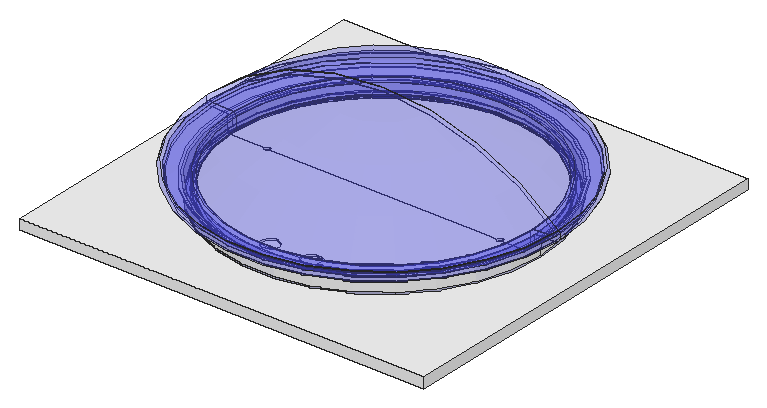
Revit family "BE_12138_de_DE", category Leuchten, Revit 2020
Family settings
  Basisbauteil = Fläche
  Bemaßung runder Anschluss = Durchmesser verwenden
  Teiletyp = Normal
  Beim Laden mit Abzugskörper schneiden = Ja
  Lichtquelle = Ja
  Gemeinsam genutzt = Nein
  Raumberechnungspunkt = Ja
Parameters (values of type "BEGA_12138_K3")
  built-in parameter 1150104 = 11.613 (stored number, unit not read)
  Wattage = 16.8 W
  Default Elevation = 0 mm
  built-in parameter 1150113 = 1 (stored number, unit not read)
  built-in parameter 1114218 = 1 (stored number, unit not read)
  Umgebungstemperatur = "25 °C"
  URL = "http://www.bega.de/de/produkt/12138"
  Typenkommentare = "© 2022 BEGA. Wir behalten uns das Recht vor, technische Änderungen ohne vorherige Ankündigung vorzunehmen."  # constant formula
  built-in parameter 1150134 = (empty or 0)
  built-in parameter 1150109 = 1 (stored number, unit not read)
  Strom = ""
  built-in parameter 1150110 = 1 (stored number, unit not read)
  Spannung = 239.996 V
  Sonderanfertigung = no
  Seriennummer [instance] = "Hier können Sie die eindeutige Seriennummer für das Facility Management eintragen."
  Schutzklasse = "I"
  Schutzart = "IP 20"
  Scheinlast = 0 VA
  Produktdatenblatt = "http://www.bega.de/download/Xrfa/db/12138.db.de.pdf"
  Oberflächentemperatur = ""
  Neigungswinkel = 0.00°
  Model = "12138K2"
  Material_17 = BEGA_Reflektor
  Material_15 = BEGA_Leuchtmedium_matt
  Material_11 = BEGA_Glas_opal
  Material_09 = BEGA_Glas_klar
  Material_06 = BEGA_Oberfläche_Edelstahl_gebürstet
  Material_03 = BEGA_Oberfläche_Weiss_matt
  Material_02 = BEGA_Oberfläche_Silber_matt
  Material_01 [instance] = BEGA_Oberfläche_Grafit_matt
  M_W = no
  M_G = no
  M_A = no
  Logo = 0
  built-in parameter 1114217 = 1 (stored number, unit not read)
  built-in parameter 1150139 = (empty or 0)
  built-in parameter 1150105 = 603.62 (stored number, unit not read)
  built-in parameter 1150114 = 1 (stored number, unit not read)
  Lumens = 2100 lm
  built-in parameter 1150115 = 1 (stored number, unit not read)
  Leuchtenlichtstrom = "1425 lm"
  Leuchtenanzahl = ""
  Lebensdauerkriterien = "L70B50 @ 25 °C = 210000 h"
  Lastklassifizierung = Beleuchtung
  built-in parameter 1150112 = 1 (stored number, unit not read)
  Lampenlichtstrom = "2095 lm"
  Lamp = "LED 16.8 W"
  LED_Modulbezeichnung = "LED-0511/927"
  Hersteller = "BEGA"  # constant formula
  Halbstreuwinkel = ""
  Gewicht = "2.5 kg"
  Gebrauchslageneinschränkung [instance] = ""
  Frequenz = "0/50-60 Hz"
  Farbwiedergabeindex = "CRI > 90"
  Farbtemperaturverschiebung bei Dämpfen der Lampe = <Keine Auswahl>
  Farbtemperatur = "2700 K"
  Color Filter = 16777215
  built-in parameter 1150133 = 10 (stored number, unit not read)
  Energieeffizienzklasse = "LED A++ - A"
  built-in parameter 1150137 = (empty or 0)
  built-in parameter 1150132 = (empty or 0)
  ENEC = "ja"
  Dimmbar [instance] = ""
  Photometric Web File = "BE_12138K2.IES"
  CE_Konformität = "ja"
  Bestellnummer = "12138K2"
  Beschreibung_Sonderanfertigung = "Hier können Sie Informationen zur Sonderanfertigung eintragen."
  Beschreibung = "Decken- und Wandleuchte"
  built-in parameter 1150106 = 6.0362 (stored number, unit not read)
  Befestigungsbohrung = "Ø 5,5 mm"
  Befestigungsabstand = "230 mm"
  Ballwurfsicher = ""
  BEGA_Intern_aus = yes
  BEGA_Intern_an = yes
  BEGA_Intern_Konstruktion = yes
  BEGA_Intern = yes
  BEGA_IES = yes
  BEGA_Dummy = no
  Anschlussleitung = ""
  Anschlussleistung [instance] = "20 W"
  Anschlusskasten = ""
  built-in parameter 1150107 = 2000 (stored number, unit not read)
  built-in parameter 1150102 = (empty or 0)
  built-in parameter 1150138 = (empty or 0)
  Aktualisierung = "2019-10-29T04:00:14"
  Abstand_zur_angestrahlten_Fläche [instance] = ""
  AC/DC = "AC/DC"
Types (2, lengths in mm): name | built-in parameter 1150134 | Model | built-in parameter 1150105 | Leuchtenlichtstrom | Lampenlichtstrom | LED_Modulbezeichnung | Farbtemperatur | Photometric Web File | Bestellnummer | built-in parameter 1150106 | built-in parameter 1150107
  BEGA_12138_K3 | (empty or 0) | "12138K3" | 608.52 (stored number, unit not read) | "1645 lm" | "2415 lm" | "LED-0511/930" | "3000 K" | "BE_12138K3.IES" | "12138K3" | 6.0852 (stored number, unit not read) | 3000 (stored number, unit not read)
  BEGA_12138_K27 | 12 | "12138K27" | 608.54 (stored number, unit not read) | "1588 lm" | "2335 lm" | "LED-0511/927" | "2700 K" | "BE_12138K27.IES" | "12138K27" | 6.0854 (stored number, unit not read) | 4000 (stored number, unit not read)
Reference planes
  plane 1 "Mitte (Vorne/Hinten)": y = 0
  plane 2: z = 0
  plane 3 "Mitte (Links/Rechts)": x = 0
  plane 4 "Links": x = -175.231
  plane 5 "Rechts": x = 175.231
  plane 6 "Unten": y = -175.2
  plane 7 "Oben": y = 175.2
  plane 8 "Vorne": z = 98.4
  plane 9 "Hinten": z = 0
Forms (mm)
  Extrusion 1, solid, material "BEGA_Platte_Weiss"
    sketch origin (0, -1119.2, 0) x (1, 0, 0) y (0, 1, 0)
      loop
        line (-200, 1319.2) -> (-200, 919.2) -> (200, 919.2) -> (200, 1319.2) -> (-200, 1319.2)
    from 0 to -10
  Extrusion 2, solid, material "BEGA_Dummy_matt", visible <- "BEGA_Dummy"
    sketch origin (77.149, -76.023, 0) x (1, 0, 0) y (0, 1, 0)
      loop
        circle (-77.149, 76.023) r 175
    from 0 to 98.4
Dimensions and locks
  plane 1 "Mitte (Vorne/Hinten)" to Extrusion 1 = 200 mm
  aligned and locked: plane 2 to Extrusion 1
  aligned and locked: level to Extrusion 1
Nested families
  nested 1: "BE_12138" at (0, 0, 0) x (0, -1, 0) z (0, 0, 1), type "BE_12138"
Connectors
  electrical at (0, 0, 0), driven by "Lastklassifizierung", driven by "Spannung", driven by "Scheinlast"
    settings: index 1, voltage 239.996 V, apparent load 0 VA, apparent load phase1 0 VA, apparent load phase2 0 VA, apparent load phase3 0 VA, power factor 1, load classification "Beleuchtung", number of poles 1, system type 31, power factor state 1, is connector primary yes, connector utility no, sub classification motor no, connector description ""
Definition of nested family "BE_12138"
  Parameters (values of type "BE_12138")
    Default Elevation = 1 mm
    URL = "http://www.bega.de/de/produkt"
    Type Comments = "© 2015 BEGA. Wir behalten uns das Recht vor, technische Änderungen ohne vorherige Ankündigung vorzunehmen. "  # constant formula
    Type Image = (empty or 0)
    Neigungswinkel_um_Z2 = 0.00°
    Neigungswinkel_um_Z1 = 0.00°
    Neigungswinkel_um_Y2 = 0.00°
    Neigungswinkel_um_Y1 = 0.00°
    Neigungswinkel_um_X2 = 0.00°
    Neigungswinkel_um_X1 = 0.00°
    Material_17 = none
    Material_15 = none
    Material_11 = none
    Material_09 = none
    Material_06 = none
    Material_05 = none
    Material_03 = none
    Material_02 = none
    Material_01 = none
    M_W = yes
    M_G = yes
    M_A = yes
    Länge_Platte = 500 mm  # constant formula
    Höhe_Platte = -10 mm  # constant formula
    Manufacturer = "BEGA"  # constant formula
    Drehwinkel_um_Z2 = 0.00°
    Drehwinkel_um_Z1 = 0.00°
    Breite_Platte = 500 mm  # constant formula
  Reference planes
    plane 1 "Mitte (Oben/Unten)": y = 0
    plane 2: z = 0
    plane 3 "Mitte (Links/Rechts)": x = 0
    plane 4: y = 175.231
    plane 5: z = 98.4
    plane 6: y = -175.231
    plane 7: x = -175.2
    plane 8: x = 175.2
  Forms (mm)
    Extrusion 1, solid, detail levels medium
      sketch origin (0, 0, 0) x (1, 0, 0) y (0, 1, 0)
        loop
          line (-250, 250) -> (-250, -250) -> (250, -250) -> (250, 250) -> (-250, 250)
      from 0 to -10 <- "Höhe_Platte"
    Revolve 2, solid, material <- "Material_03", detail levels medium+fine
      sketch origin (0, 0, 0) x (0, 1, 0) y (0, 0, 1)
        loop
          line (159, 19.8) -> (159, 20.8) -> (156.831, 20.8)
          arc (156.831, 20.8) -> (155.563, 20.284) -> (155.024, 19.025) r 1.8
          line (155.024, 19.025) -> (154.767, 4.283)
          arc (154.767, 4.283) -> (154.468, 3.587) -> (153.767, 3.3) r 1
          line (153.767, 3.3) -> (0, 3.3) -> (0, 2.3) -> (153.767, 2.3)
          arc (153.767, 2.3) -> (155.169, 2.873) -> (155.767, 4.265) r 2
          line (155.767, 4.265) -> (156.024, 19.01)
          arc (156.024, 19.01) -> (156.264, 19.571) -> (156.829, 19.8) r 0.8
          line (156.829, 19.8) -> (159, 19.8)
        axis (0, 2.3) -> (0, 20.8)
      angle from 0 to 360
    Revolve 3, solid, material <- "Material_03", detail levels medium+fine
      sketch origin (0, 0, 0) x (0, 1, 0) y (0, 0, 1)
        loop
          arc (124.13, 1.943) -> (124.474, 2.206) -> (124.896, 2.3) r 1
          line (124.896, 2.3) -> (125.896, 3.3) -> (117.75, 3.3) -> (117.75, 0) -> (121.108, 0)
          arc (121.108, 0) -> (122.369, 0.281) -> (123.395, 1.067) r 3
          line (123.395, 1.067) -> (124.13, 1.943)
        axis (115, 3.3) -> (115, 0)
      angle from 0 to 360
    Revolve 4, solid, material <- "Material_03", detail levels medium+fine
      sketch origin (0, 0, 0) x (0, -1, 0) y (0, 0, 1)
        loop
          arc (124.13, 1.943) -> (124.474, 2.206) -> (124.896, 2.3) r 1
          line (124.896, 2.3) -> (125.896, 3.3) -> (117.75, 3.3) -> (117.75, 0) -> (121.108, 0)
          arc (121.108, 0) -> (122.369, 0.281) -> (123.395, 1.067) r 3
          line (123.395, 1.067) -> (124.13, 1.943)
        axis (115, 3.3) -> (115, 0)
      angle from 0 to 360
    Extrusion 5, void
      sketch origin (0, 0, 0) x (1, 0, 0) y (0, 1, 0)
        loop
          circle (115, 20) r 8.5
        loop
          circle (115, -20) r 8.5
        loop
          circle (0, 115) r 2.75
        loop
          circle (0, -115) r 2.75
      from 1.096 to 7.205
    Revolve 6, solid, material <- "Material_11", detail levels medium+fine
      sketch origin (0, 0, 0) x (0, 1, 0) y (0, 0, 1)
        loop
          line (153.75, 4.9) -> (153.75, 8.389)
          arc (153.75, 8.389) -> (153.616, 8.889) -> (153.25, 9.256) r 1
          line (153.25, 9.256) -> (149.499, 11.421)
          arc (149.499, 11.421) -> (149.133, 11.787) -> (149, 12.287) r 1
          line (149, 12.287) -> (149, 19.451)
          arc (149, 19.451) -> (149.277, 20.142) -> (149.956, 20.45) r 1
          line (149.956, 20.45) -> (169.559, 21.477)
          arc (169.559, 21.477) -> (174.894, 25.484) -> (173.228, 31.944) r 6
          arc (173.228, 31.944) -> (92.769, 81.216) -> (0, 98.4) r 258.999
          line (0, 98.4) -> (0, 94.4)
          arc (0, 94.4) -> (91.33, 77.483) -> (170.543, 28.978) r 255
          arc (170.543, 28.978) -> (171.123, 26.82) -> (169.341, 25.472) r 2
          line (169.341, 25.472) -> (148.791, 24.394)
          arc (148.791, 24.394) -> (146.425, 23.461) -> (145.1, 21.289) r 4
          line (145.1, 21.289) -> (145.1, 11.074)
          arc (145.1, 11.074) -> (145.5, 9.577) -> (146.592, 8.479) r 3.001
          line (146.592, 8.479) -> (148.263, 7.514)
          arc (148.263, 7.514) -> (149.358, 6.407) -> (149.75, 4.9) r 3.002
          line (149.75, 4.9) -> (153.75, 4.9)
        axis (0, 98.4) -> (0, 4.9)
      angle from 0 to 360
  Cuts and joins
    Extrusion 5 cuts Revolve 2
    Extrusion 5 cuts Revolve 3
    Extrusion 5 cuts Revolve 4
    joined: Revolve 2, Revolve 3, Revolve 4
  Dimensions and locks
    equal spacing: Extrusion 1 sketch curve, plane 3 "Mitte (Links/Rechts)", Extrusion 1 sketch curve
    equal spacing: Extrusion 1 sketch curve, plane 1 "Mitte (Oben/Unten)", Extrusion 1 sketch curve
    "Länge_Platte": Extrusion 1 sketch curve to Extrusion 1 sketch curve
    "Breite_Platte": Extrusion 1 sketch curve to Extrusion 1 sketch curve
    aligned and locked: Extrusion 1 to plane 2
    aligned and locked: level to Extrusion 1
  Automatic sketch dimensions
    Revolve 3 sketch curve to level = 0 mm
    level to Revolve 3 sketch curve = 3.3 mm
    Revolve 3 sketch curve to Revolve 3 sketch curve = 3.351 mm
    Revolve 3 sketch curve to Revolve 3 sketch curve = 0.007 mm
    level to Revolve 3 sketch curve = 1.067 mm
    Revolve 3 sketch curve to Revolve 3 sketch curve = 2.287 mm
    level to Revolve 3 sketch curve = 2.3 mm
    Revolve 3 sketch curve to Revolve 3 sketch curve = 1.501 mm
    Revolve 3 sketch curve to Revolve 3 sketch curve = 0 mm  (x2)
    Revolve 3 sketch curve to Revolve 3 sketch curve = 1 mm  (x2)
    Revolve 3 sketch curve to Revolve 3 sketch curve = 2.75 mm
    level to Revolve 3 sketch curve = 1.943 mm
    Revolve 3 sketch curve to Revolve 3 sketch curve = 0.766 mm
    Revolve 3 sketch curve to level = 2.001 mm
    Revolve 3 sketch curve to Revolve 3 sketch curve = 2 mm
    Revolve 4 sketch curve to level = 0 mm
    Revolve 4 sketch curve to level = 3.3 mm
    Revolve 4 sketch curve to Revolve 4 sketch curve = 3.351 mm
    Revolve 4 sketch curve to Revolve 4 sketch curve = 0.007 mm
    Revolve 4 sketch curve to level = 1.067 mm
    Revolve 4 sketch curve to Revolve 4 sketch curve = 2.287 mm
    Revolve 4 sketch curve to level = 2.3 mm
    Revolve 4 sketch curve to Revolve 4 sketch curve = 1.501 mm
    Revolve 4 sketch curve to Revolve 4 sketch curve = 0 mm  (x2)
    Revolve 4 sketch curve to Revolve 4 sketch curve = 1 mm  (x2)
    Revolve 4 sketch curve to Revolve 4 sketch curve = 2.75 mm
    Revolve 4 sketch curve to level = 1.943 mm
    Revolve 4 sketch curve to Revolve 4 sketch curve = 0.766 mm
    level to Revolve 4 sketch curve = 2.001 mm
    Revolve 4 sketch curve to Revolve 4 sketch curve = 2 mm
    Revolve 3 sketch curve to plane 1 "Mitte (Oben/Unten)" = 117.75 mm
    Revolve 4 sketch curve to plane 1 "Mitte (Oben/Unten)" = 117.75 mm
    Revolve 2 sketch curve to Revolve 2 sketch curve = 0 mm  (x11)
    Revolve 2 sketch curve to plane 1 "Mitte (Oben/Unten)" = 0 mm  (x2)
    level to Revolve 2 sketch curve = 4.3 mm
    level to Revolve 2 sketch curve = 4.283 mm
    Revolve 2 sketch curve to Revolve 2 sketch curve = 1 mm  (x4)
    Revolve 2 sketch curve to Revolve 2 sketch curve = 0.257 mm
    Revolve 2 sketch curve to Revolve 2 sketch curve = 0.8 mm
    Revolve 2 sketch curve to Revolve 2 sketch curve = 0.004 mm
    Revolve 2 sketch curve to Revolve 2 sketch curve = 0.002 mm
    Revolve 2 sketch curve to Revolve 2 sketch curve = 2.169 mm
    Revolve 2 sketch curve to Revolve 2 sketch curve = 14.717 mm
    Revolve 2 sketch curve to Revolve 2 sketch curve = 0.01 mm
    Revolve 2 sketch curve to Revolve 2 sketch curve = 0.015 mm
    level to Revolve 2 sketch curve = 4.265 mm
    Revolve 2 sketch curve to Revolve 2 sketch curve = 4 mm
    Revolve 6 sketch curve to Revolve 6 sketch curve = 0 mm  (x13)
    Revolve 6 sketch curve to plane 1 "Mitte (Oben/Unten)" = 0 mm  (x3)
    plane 1 "Mitte (Oben/Unten)" to Revolve 6 sketch curve = 0 mm
    level to Revolve 6 sketch curve = 8.479 mm
    Revolve 6 sketch curve to Revolve 6 sketch curve = 1.492 mm
    Revolve 6 sketch curve to Revolve 6 sketch curve = 0.156 mm
    Revolve 6 sketch curve to Revolve 6 sketch curve = 1.509 mm
    level to Revolve 6 sketch curve = 7.514 mm
    Revolve 6 sketch curve to Revolve 6 sketch curve = 1.671 mm
    Revolve 6 sketch curve to Revolve 6 sketch curve = 3.9 mm
    level to Revolve 6 sketch curve = 11.421 mm
    Revolve 6 sketch curve to Revolve 6 sketch curve = 1.397 mm
    Revolve 6 sketch curve to Revolve 6 sketch curve = 3.001 mm
    Revolve 6 sketch curve to Revolve 6 sketch curve = 0.956 mm
    Revolve 6 sketch curve to Revolve 6 sketch curve = 0.044 mm
    Revolve 6 sketch curve to Revolve 6 sketch curve = 0.501 mm
    Revolve 6 sketch curve to Revolve 6 sketch curve = 3.251 mm
    Revolve 6 sketch curve to Revolve 6 sketch curve = 1 mm
    Revolve 6 sketch curve to Revolve 6 sketch curve = 19.275 mm
    level to Revolve 6 sketch curve = 25.472 mm
    Revolve 6 sketch curve to Revolve 6 sketch curve = 0.11 mm
    level to Revolve 6 sketch curve = 21.477 mm
    Revolve 6 sketch curve to Revolve 6 sketch curve = 0.219 mm
    Revolve 6 sketch curve to Revolve 6 sketch curve = 2.591 mm
    Revolve 6 sketch curve to level = 160.599 mm
    Revolve 6 sketch curve to Revolve 6 sketch curve = 3.489 mm
    Revolve 6 sketch curve to Revolve 6 sketch curve = 0.348 mm
    Revolve 6 sketch curve to Revolve 6 sketch curve = 0.866 mm  (x2)
    Revolve 6 sketch curve to Revolve 6 sketch curve = 7.164 mm
    Revolve 6 sketch curve to Revolve 6 sketch curve = 0.949 mm
    Revolve 6 sketch curve to Revolve 6 sketch curve = 0.05 mm
    Revolve 6 sketch curve to Revolve 6 sketch curve = 0.889 mm
    Revolve 6 sketch curve to Revolve 6 sketch curve = 1.997 mm
    level to Revolve 6 sketch curve = 94.4 mm
    Revolve 6 sketch curve to Revolve 6 sketch curve = 4 mm
    Revolve 6 sketch curve to Revolve 6 sketch curve = 0.209 mm
    Revolve 6 sketch curve to Revolve 6 sketch curve = 0.499 mm
    Revolve 6 sketch curve to Revolve 6 sketch curve = 0.5 mm
    level to Revolve 6 sketch curve = 9.256 mm
    Revolve 6 sketch curve to Revolve 6 sketch curve = 0.07 mm
    Extrusion 5 sketch curve to plane 3 "Mitte (Links/Rechts)" = 0 mm  (x2)
    plane 1 "Mitte (Oben/Unten)" to Extrusion 5 sketch curve = 20 mm
    Extrusion 5 sketch curve to plane 1 "Mitte (Oben/Unten)" = 20 mm
    plane 3 "Mitte (Links/Rechts)" to Extrusion 5 sketch curve = 115 mm
    Extrusion 5 sketch curve to Extrusion 5 sketch curve = 0 mm
    Revolve 2 sketch curve to plane 1 "Mitte (Oben/Unten)" = 153.767 mm
    Extrusion 5 sketch curve to plane 1 "Mitte (Oben/Unten)" = 115 mm
    Revolve 6 sketch curve to plane 1 "Mitte (Oben/Unten)" = 145.1 mm
    plane 1 "Mitte (Oben/Unten)" to Extrusion 5 sketch curve = 115 mm
    Revolve 6 sketch curve to Revolve 6 sketch curve = 26.07 mm
    radius of Extrusion 5 sketch curve = 8.5 mm  (x2)
    radius of Extrusion 5 sketch curve = 2.75 mm  (x2)
